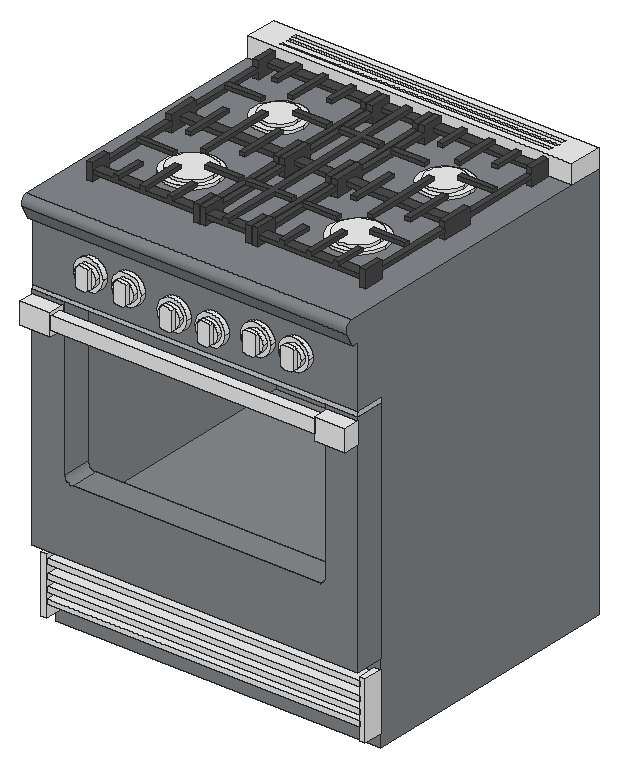
Revit family "DCS_SDA_Data_Sheet_RDV2-304_Range_ISSUE1 IMPERIAL", category Specialty Equipment, Revit 2015
Parameters
  URL = "www.yepsketch.com"
  Model = "DCS_SDA_Data_Sheet_RDV2-304_Range_ISSUE1"
  Manufacturer = "Fisher & Paykel"
  Description = "D20 20000"
  Author = "Yepsketch"
Reference planes (in)
  plane 1 "Center (Front/Back)": y = 0
  plane 2: z = 0
  plane 3 "Center (Left/Right)": x = 0
  plane 4: x = 29.875
  plane 5: y = 29.125
  plane 6: y = 1.4375
  plane 7: z = 36.75
  plane 8: z = 38.5
Forms (in)
  Extrusion 1, solid, material "GRAY"
    sketch origin (0, 0, 0) x (1, 0, 0) y (0, 1, 0)
      loop
        line (0, 29.125) -> (0, 1.4375) -> (29.875, 1.4375) -> (29.875, 29.125) -> (0, 29.125)
    from 0 to 36.75
  Extrusion 2, solid, material "ALUMINIUM"
    sketch origin (0, 0, 0) x (1, 0, 0) y (0, 1, 0)
      loop
        line (0, 29.125) -> (0, 26.125) -> (29.875, 26.125) -> (29.875, 29.125) -> (0, 29.125)
      loop
        line (2.56074, 28.43465) -> (2.56074, 28.07695) -> (27.39129, 28.07695) -> (27.39129, 28.43465) -> (2.56074, 28.43465)
      loop
        line (27.39129, 27.74947) -> (2.56074, 27.74947) -> (2.56074, 27.39406) -> (27.39129, 27.39406) -> (27.39129, 27.74947)
      loop
        line (2.56074, 27.03837) -> (2.56074, 26.69242) -> (27.39129, 26.69242) -> (27.39129, 27.03837) -> (2.56074, 27.03837)
    from 36.75 to 38.5
  Extrusion 3, void
    sketch origin (0, 0, 0) x (0, 1, 0) y (0, 0, 1)
      loop
        line (4.05941, 28.51124) -> (1.4375, 28.51124) -> (1.4375, 0) -> (4.05941, 0) -> (4.05941, 28.51124)
    from 0 to 29.875
  Extrusion 4, solid
    sketch origin (0, 0, 0) x (1, 0, 0) y (0, 0, 1)
      loop
        line (29.875, 28.87556) -> (0, 28.87556) -> (0, 28.51124) -> (29.875, 28.51124) -> (29.875, 28.87556)
    from -4.05941 to -1.4375
  Extrusion 5, solid, material "GRAY"
    sketch origin (0, 0, 0) x (1, 0, 0) y (0, 0, 1)
      loop
        line (29.875, 28.51124) -> (26.94776, 28.51124) -> (26.94776, 14.08446)
        arc (26.94776, 14.08446) -> (26.79243, 13.70946) -> (26.41743, 13.55413) r 0.53033
        line (26.41743, 13.55413) -> (3.66743, 13.55413)
        arc (3.66743, 13.55413) -> (3.16743, 13.76124) -> (2.96032, 14.26124) r 0.70711
        line (2.96032, 14.26124) -> (2.96032, 28.51124) -> (-0.11068, 28.51124) -> (-0.11068, 7.37228) -> (29.875, 7.37228) -> (29.875, 28.51124)
    from -4.05941 to -1.4375
  Extrusion 6, void
    sketch origin (0, 0, 0) x (1, 0, 0) y (0, 0, 1)
      loop
        line (1.01557, 27.94465) -> (1.01557, 8.94465) -> (29.01557, 8.94465) -> (29.01557, 27.94465) -> (1.01557, 27.94465)
    from -28.07695 to 12
  Extrusion 7, solid, material "Glass Black"
    sketch origin (0, 0, 0) x (1, 0, 0) y (0, 0, 1)
      loop
        arc (2.96032, 14.26124) -> (3.16743, 13.76124) -> (3.66743, 13.55413) r 0.70711
        line (3.66743, 13.55413) -> (26.41743, 13.55413)
        arc (26.41743, 13.55413) -> (26.79243, 13.70946) -> (26.94776, 14.08446) r 0.53033
        line (26.94776, 14.08446) -> (26.94776, 28.51124) -> (2.96032, 28.51124) -> (2.96032, 14.26124)
    from -4.05941 to -1.4375
  Extrusion 8, solid, material "GRAY"
    sketch origin (0, 0, 0) x (0, 1, 0) y (0, 0, 1)
      loop
        line (1.4375, 36.75) -> (0.79563, 36.75)
        arc (0.79563, 36.75) -> (0.23204, 36.42461) -> (0.23204, 35.77384) r 0.65078
        line (0.23204, 35.77384) -> (0.91586, 34.58943) -> (1.4375, 34.58943) -> (1.4375, 36.75)
    from 0 to 29.875
  Extrusion 9, solid, material "ALUMINIUM"
    sketch origin (0, 0, -0.875) x (1, 0, 0) y (0, 0, 1)
      loop
        line (0, 7.37228) -> (0, 2.09288) -> (0.57804, 2.09288) -> (0.57804, 7.37228) -> (0, 7.37228)
      loop
        line (29.875, 7.37228) -> (29.34783, 7.37228) -> (29.34783, 2.05867) -> (29.875, 2.05867) -> (29.875, 7.37228)
    from -4.05941 to -2.30941
  Extrusion 10, solid, material "ALUMINIUM"
    sketch origin (0, 0, 0) x (1, 0, 0) y (0, 0, 1)
      loop
        line (0.57804, 6.16101) -> (0.57804, 5.6902) -> (29.34783, 5.6902) -> (29.34783, 6.16101) -> (0.57804, 6.16101)
      loop
        line (0.57804, 4.91101) -> (0.57804, 4.4402) -> (29.34783, 4.4402) -> (29.34783, 4.91101) -> (0.57804, 4.91101)
      loop
        line (0.57804, 3.84048) -> (0.57804, 3.36967) -> (29.34783, 3.36967) -> (29.34783, 3.84048) -> (0.57804, 3.84048)
      loop
        line (0.57804, 2.84048) -> (0.57804, 2.36967) -> (29.34783, 2.36967) -> (29.34783, 2.84048) -> (0.57804, 2.84048)
    from -4.05941 to -2.30941
  Extrusion 11, solid, material "ALUMINIUM"
    sketch origin (0, 0, 0) x (1, 0, 0) y (0, 0, 1)
      loop
        circle (5.46197, 31.78776) r 1.38524
    from -1.4375 to -1
  Extrusion 12, solid, material "ALUMINIUM"
    sketch origin (0, 0, 0) x (1, 0, 0) y (0, 0, 1)
      loop
        circle (5.46197, 31.78776) r 1
    from -1 to -0.61506
  Extrusion 13, solid, material "ALUMINIUM"
    sketch origin (0, 0, 0) x (1, 0, 0) y (0, 0, 1)
      loop
        line (4.90432, 32.61784) -> (4.90432, 30.95768)
        arc (4.90432, 30.95768) -> (5.46197, 30.78776) -> (6.01961, 30.95768) r 1
        line (6.01961, 30.95768) -> (6.01961, 32.61784)
        arc (6.01961, 32.61784) -> (5.46197, 32.78776) -> (4.90432, 32.61784) r 1
    from -0.61506 to -0.25
  Extrusion 14, solid, material "ALUMINIUM"
    sketch origin (3.5, 0, 0) x (1, 0, 0) y (0, 0, 1)
      loop
        circle (5.46197, 31.78776) r 1.38524
    from -1.4375 to -1
  Extrusion 15, solid, material "ALUMINIUM"
    sketch origin (3.5, 0, 0) x (1, 0, 0) y (0, 0, 1)
      loop
        circle (5.46197, 31.78776) r 1
    from -1 to -0.61506
  Extrusion 16, solid, material "ALUMINIUM"
    sketch origin (3.5, 0, 0) x (1, 0, 0) y (0, 0, 1)
      loop
        line (4.90432, 32.61784) -> (4.90432, 30.95768)
        arc (4.90432, 30.95768) -> (5.46197, 30.78776) -> (6.01961, 30.95768) r 1
        line (6.01961, 30.95768) -> (6.01961, 32.61784)
        arc (6.01961, 32.61784) -> (5.46197, 32.78776) -> (4.90432, 32.61784) r 1
    from -0.61506 to -0.25
  Extrusion 17, solid, material "ALUMINIUM"
    sketch origin (7.70864, 0, -0.59149) x (1, 0, 0) y (0, 0, 1)
      loop
        circle (5.46197, 31.78776) r 1.38524
    from -1.4375 to -1
  Extrusion 18, solid, material "ALUMINIUM"
    sketch origin (7.70864, 0, -0.59149) x (1, 0, 0) y (0, 0, 1)
      loop
        circle (5.46197, 31.78776) r 1
    from -1 to -0.61506
  Extrusion 19, solid, material "ALUMINIUM"
    sketch origin (7.70864, 0, -0.59149) x (1, 0, 0) y (0, 0, 1)
      loop
        line (4.90432, 32.61784) -> (4.90432, 30.95768)
        arc (4.90432, 30.95768) -> (5.46197, 30.78776) -> (6.01961, 30.95768) r 1
        line (6.01961, 30.95768) -> (6.01961, 32.61784)
        arc (6.01961, 32.61784) -> (5.46197, 32.78776) -> (4.90432, 32.61784) r 1
    from -0.61506 to -0.25
  Extrusion 20, solid, material "ALUMINIUM"
    sketch origin (11.20864, 0, -0.59149) x (1, 0, 0) y (0, 0, 1)
      loop
        circle (5.46197, 31.78776) r 1.38524
    from -1.4375 to -1
  Extrusion 21, solid, material "ALUMINIUM"
    sketch origin (11.20864, 0, -0.59149) x (1, 0, 0) y (0, 0, 1)
      loop
        circle (5.46197, 31.78776) r 1
    from -1 to -0.61506
  Extrusion 22, solid, material "ALUMINIUM"
    sketch origin (11.20864, 0, -0.59149) x (1, 0, 0) y (0, 0, 1)
      loop
        line (4.90432, 32.61784) -> (4.90432, 30.95768)
        arc (4.90432, 30.95768) -> (5.46197, 30.78776) -> (6.01961, 30.95768) r 1
        line (6.01961, 30.95768) -> (6.01961, 32.61784)
        arc (6.01961, 32.61784) -> (5.46197, 32.78776) -> (4.90432, 32.61784) r 1
    from -0.61506 to -0.25
  Extrusion 23, solid, material "ALUMINIUM"
    sketch origin (15.40631, 0, 0.07336) x (1, 0, 0) y (0, 0, 1)
      loop
        circle (5.46197, 31.78776) r 1.38524
    from -1.4375 to -1
  Extrusion 24, solid, material "ALUMINIUM"
    sketch origin (15.40631, 0, 0.07336) x (1, 0, 0) y (0, 0, 1)
      loop
        circle (5.46197, 31.78776) r 1
    from -1 to -0.61506
  Extrusion 25, solid, material "ALUMINIUM"
    sketch origin (15.40631, 0, 0.07336) x (1, 0, 0) y (0, 0, 1)
      loop
        line (4.90432, 32.61784) -> (4.90432, 30.95768)
        arc (4.90432, 30.95768) -> (5.46197, 30.78776) -> (6.01961, 30.95768) r 1
        line (6.01961, 30.95768) -> (6.01961, 32.61784)
        arc (6.01961, 32.61784) -> (5.46197, 32.78776) -> (4.90432, 32.61784) r 1
    from -0.61506 to -0.25
  Extrusion 26, solid, material "ALUMINIUM"
    sketch origin (18.90631, 0, 0.07336) x (1, 0, 0) y (0, 0, 1)
      loop
        circle (5.46197, 31.78776) r 1.38524
    from -1.4375 to -1
  Extrusion 27, solid, material "ALUMINIUM"
    sketch origin (18.90631, 0, 0.07336) x (1, 0, 0) y (0, 0, 1)
      loop
        circle (5.46197, 31.78776) r 1
    from -1 to -0.61506
  Extrusion 28, solid, material "ALUMINIUM"
    sketch origin (18.90631, 0, 0.07336) x (1, 0, 0) y (0, 0, 1)
      loop
        line (4.90432, 32.61784) -> (4.90432, 30.95768)
        arc (4.90432, 30.95768) -> (5.46197, 30.78776) -> (6.01961, 30.95768) r 1
        line (6.01961, 30.95768) -> (6.01961, 32.61784)
        arc (6.01961, 32.61784) -> (5.46197, 32.78776) -> (4.90432, 32.61784) r 1
    from -0.61506 to -0.25
  Extrusion 29, solid, material "BLACK"
    sketch origin (0, 0, 0) x (1, 0, 0) y (0, 1, 0)
      loop
        line (2.14602, 25.9696) -> (2.14602, 24.10971) -> (2.64602, 24.10971) -> (2.64602, 25.9696) -> (2.14602, 25.9696)
      loop
        line (2.14602, 16.92899) -> (2.14602, 14.08087) -> (2.64602, 14.08087) -> (2.64602, 16.92899) -> (2.14602, 16.92899)
      loop
        line (2.14602, 6.86792) -> (2.14602, 4.97984) -> (2.64602, 4.97984) -> (2.64602, 6.86792) -> (2.14602, 6.86792)
      loop
        line (12.01681, 25.9696) -> (12.01681, 24.10971) -> (12.51681, 24.10971) -> (12.51681, 25.9696) -> (12.01681, 25.9696)
      loop
        line (12.01681, 16.92899) -> (12.01681, 14.08087) -> (12.51681, 14.08087) -> (12.51681, 16.92899) -> (12.01681, 16.92899)
      loop
        line (12.01681, 6.86792) -> (12.01681, 4.97984) -> (12.51681, 4.97984) -> (12.51681, 6.86792) -> (12.01681, 6.86792)
      loop
        line (12.60992, 25.9696) -> (12.60992, 24.10971) -> (13.10992, 24.10971) -> (13.10992, 25.9696) -> (12.60992, 25.9696)
      loop
        line (12.60992, 16.92899) -> (12.60992, 14.08087) -> (13.10992, 14.08087) -> (13.10992, 16.92899) -> (12.60992, 16.92899)
      loop
        line (12.60992, 6.86792) -> (12.60992, 4.97984) -> (13.10992, 4.97984) -> (13.10992, 6.86792) -> (12.60992, 6.86792)
      loop
        line (16.79742, 25.9696) -> (16.79742, 24.10971) -> (17.29742, 24.10971) -> (17.29742, 25.9696) -> (16.79742, 25.9696)
      loop
        line (16.79742, 16.92899) -> (16.79742, 14.08087) -> (17.29742, 14.08087) -> (17.29742, 16.92899) -> (16.79742, 16.92899)
      loop
        line (16.79742, 6.86792) -> (16.79742, 4.97984) -> (17.29742, 4.97984) -> (17.29742, 6.86792) -> (16.79742, 6.86792)
      loop
        line (17.40315, 25.9696) -> (17.40315, 24.10971) -> (17.90315, 24.10971) -> (17.90315, 25.9696) -> (17.40315, 25.9696)
      loop
        line (17.40315, 16.92899) -> (17.40315, 14.08087) -> (17.90315, 14.08087) -> (17.90315, 16.92899) -> (17.40315, 16.92899)
      loop
        line (17.40315, 6.86792) -> (17.40315, 4.97984) -> (17.90315, 4.97984) -> (17.90315, 6.86792) -> (17.40315, 6.86792)
      loop
        line (27.28432, 25.9696) -> (27.28432, 24.10971) -> (27.78432, 24.10971) -> (27.78432, 25.9696) -> (27.28432, 25.9696)
      loop
        line (27.28432, 16.92899) -> (27.28432, 14.08087) -> (27.78432, 14.08087) -> (27.78432, 16.92899) -> (27.28432, 16.92899)
      loop
        line (27.28432, 6.86792) -> (27.28432, 4.97984) -> (27.78432, 4.97984) -> (27.78432, 6.86792) -> (27.28432, 6.86792)
    from 38.26501 to 36.75
  Extrusion 30, solid, material "BLACK"
    sketch origin (0, 0, 0) x (1, 0, 0) y (0, 1, 0)
      loop
        line (2.64602, 25.9696) -> (2.64602, 25.03966) -> (12.01681, 25.03966) -> (12.01681, 25.9696) -> (2.64602, 25.9696)
      loop
        line (13.10992, 25.9696) -> (13.10992, 25.03966) -> (16.79742, 25.03966) -> (16.79742, 25.9696) -> (13.10992, 25.9696)
      loop
        line (17.90315, 25.9696) -> (17.90315, 25.03966) -> (27.28432, 25.03966) -> (27.28432, 25.9696) -> (17.90315, 25.9696)
      loop
        line (2.64602, 15.9696) -> (2.64602, 15.03966) -> (12.01681, 15.03966) -> (12.01681, 15.9696) -> (2.64602, 15.9696)
      loop
        line (13.10992, 15.9696) -> (13.10992, 15.03966) -> (16.79742, 15.03966) -> (16.79742, 15.9696) -> (13.10992, 15.9696)
      loop
        line (17.90315, 15.9696) -> (17.90315, 15.03966) -> (27.28432, 15.03966) -> (27.28432, 15.9696) -> (17.90315, 15.9696)
      loop
        line (2.64602, 5.92388) -> (2.64602, 4.99393) -> (12.01681, 4.99393) -> (12.01681, 5.92388) -> (2.64602, 5.92388)
      loop
        line (13.10992, 5.92388) -> (13.10992, 4.99393) -> (16.79742, 4.99393) -> (16.79742, 5.92388) -> (13.10992, 5.92388)
      loop
        line (17.90315, 5.92388) -> (17.90315, 4.99393) -> (27.28432, 4.99393) -> (27.28432, 5.92388) -> (17.90315, 5.92388)
    from 37.35869 to 37.71545
  Extrusion 31, solid, material "BLACK"
    sketch origin (0, 0, 0) x (1, 0, 0) y (0, 1, 0)
      loop
        line (2.14602, 24.10971) -> (2.14602, 16.92899) -> (2.64602, 16.92899) -> (2.64602, 24.10971) -> (2.14602, 24.10971)
      loop
        line (2.14602, 14.08087) -> (2.14602, 6.86792) -> (2.64602, 6.86792) -> (2.64602, 14.08087) -> (2.14602, 14.08087)
      loop
        line (12.01681, 24.10971) -> (12.01681, 16.92899) -> (12.51681, 16.92899) -> (12.51681, 24.10971) -> (12.01681, 24.10971)
      loop
        line (12.01681, 14.08087) -> (12.01681, 6.86792) -> (12.51681, 6.86792) -> (12.51681, 14.08087) -> (12.01681, 14.08087)
      loop
        line (12.60992, 24.10971) -> (12.60992, 16.92899) -> (13.10992, 16.92899) -> (13.10992, 24.10971) -> (12.60992, 24.10971)
      loop
        line (12.60992, 14.08087) -> (12.60992, 6.86792) -> (13.10992, 6.86792) -> (13.10992, 14.08087) -> (12.60992, 14.08087)
      loop
        line (16.79742, 24.10971) -> (16.79742, 16.92899) -> (17.29742, 16.92899) -> (17.29742, 24.10971) -> (16.79742, 24.10971)
      loop
        line (17.40315, 24.10971) -> (17.40315, 16.92899) -> (17.90315, 16.92899) -> (17.90315, 24.10971) -> (17.40315, 24.10971)
      loop
        line (27.28432, 24.10971) -> (27.28432, 16.92899) -> (27.78432, 16.92899) -> (27.78432, 24.10971) -> (27.28432, 24.10971)
      loop
        line (16.79742, 14.08087) -> (16.79742, 6.86792) -> (17.29742, 6.86792) -> (17.29742, 14.08087) -> (16.79742, 14.08087)
      loop
        line (17.39053, 14.08087) -> (17.39053, 6.86792) -> (17.89053, 6.86792) -> (17.89053, 14.08087) -> (17.39053, 14.08087)
      loop
        line (27.28432, 14.08087) -> (27.28432, 6.86792) -> (27.78432, 6.86792) -> (27.78432, 14.08087) -> (27.28432, 14.08087)
    from 37.35869 to 37.71545
  Extrusion 32, solid, material "BLACK"
    sketch origin (0, 0, 0) x (1, 0, 0) y (0, 1, 0)
      loop
        line (4.59844, 25.9696) -> (4.59844, 23.2196) -> (5.09844, 23.2196) -> (5.09844, 25.9696) -> (4.59844, 25.9696)
      loop
        line (7.03924, 25.9696) -> (7.03924, 21.9696) -> (7.53924, 21.9696) -> (7.53924, 25.9696) -> (7.03924, 25.9696)
      loop
        line (9.58525, 25.9696) -> (9.58525, 23.2196) -> (10.0692, 23.2196) -> (10.0692, 25.9696) -> (9.58525, 25.9696)
      loop
        line (4.59844, 4.99393) -> (5.09844, 4.99393) -> (5.09844, 7.74393) -> (4.59844, 7.74393) -> (4.59844, 4.99393)
      loop
        line (7.03924, 4.99393) -> (7.53924, 4.99393) -> (7.53924, 8.99393) -> (7.03924, 8.99393) -> (7.03924, 4.99393)
      loop
        line (9.58525, 4.99393) -> (10.0692, 4.99393) -> (10.0692, 7.74393) -> (9.58525, 7.74393) -> (9.58525, 4.99393)
      loop
        line (2.64602, 20.75034) -> (2.64602, 20.25034) -> (5.89602, 20.25034) -> (5.89602, 20.75034) -> (2.64602, 20.75034)
      loop
        line (12.01681, 20.75034) -> (8.88869, 20.75034) -> (8.88869, 20.25034) -> (12.01681, 20.25034) -> (12.01681, 20.75034)
      loop
        line (2.64602, 10.13452) -> (5.89602, 10.13452) -> (5.89602, 10.63452) -> (2.64602, 10.63452) -> (2.64602, 10.13452)
      loop
        line (12.01681, 10.13452) -> (12.01681, 10.63452) -> (8.88869, 10.63452) -> (8.88869, 10.13452) -> (12.01681, 10.13452)
      loop
        line (4.59844, 17.5592) -> (4.59844, 13.25626) -> (5.09844, 13.25626) -> (5.09844, 17.5592) -> (4.59844, 17.5592)
      loop
        line (7.03924, 18.98868) -> (7.03924, 11.94838) -> (7.53924, 11.94838) -> (7.53924, 18.98868) -> (7.03924, 18.98868)
      loop
        line (9.58525, 17.59732) -> (9.58525, 13.25626) -> (10.0692, 13.25626) -> (10.0692, 17.59732) -> (9.58525, 17.59732)
    from 37.71545 to 38.04535
  Extrusion 33, solid, material "BLACK"
    sketch origin (29.90734, 0, 0) x (-1, 0, 0) y (0, -1, 0)
      loop
        line (4.59844, -25.9696) -> (5.09844, -25.9696) -> (5.09844, -23.2196) -> (4.59844, -23.2196) -> (4.59844, -25.9696)
      loop
        line (7.03924, -25.9696) -> (7.53924, -25.9696) -> (7.53924, -21.9696) -> (7.03924, -21.9696) -> (7.03924, -25.9696)
      loop
        line (9.58525, -25.9696) -> (10.0692, -25.9696) -> (10.0692, -23.2196) -> (9.58525, -23.2196) -> (9.58525, -25.9696)
      loop
        line (4.59844, -4.99393) -> (4.59844, -7.74393) -> (5.09844, -7.74393) -> (5.09844, -4.99393) -> (4.59844, -4.99393)
      loop
        line (7.03924, -4.99393) -> (7.03924, -8.99393) -> (7.53924, -8.99393) -> (7.53924, -4.99393) -> (7.03924, -4.99393)
      loop
        line (9.58525, -4.99393) -> (9.58525, -7.74393) -> (10.0692, -7.74393) -> (10.0692, -4.99393) -> (9.58525, -4.99393)
      loop
        line (2.64602, -20.75034) -> (5.89602, -20.75034) -> (5.89602, -20.25034) -> (2.64602, -20.25034) -> (2.64602, -20.75034)
      loop
        line (12.01681, -20.75034) -> (12.01681, -20.25034) -> (8.88869, -20.25034) -> (8.88869, -20.75034) -> (12.01681, -20.75034)
      loop
        line (2.64602, -10.13452) -> (2.64602, -10.63452) -> (5.89602, -10.63452) -> (5.89602, -10.13452) -> (2.64602, -10.13452)
      loop
        line (12.01681, -10.13452) -> (8.88869, -10.13452) -> (8.88869, -10.63452) -> (12.01681, -10.63452) -> (12.01681, -10.13452)
      loop
        line (4.59844, -17.5592) -> (5.09844, -17.5592) -> (5.09844, -13.25626) -> (4.59844, -13.25626) -> (4.59844, -17.5592)
      loop
        line (7.03924, -18.98868) -> (7.53924, -18.98868) -> (7.53924, -11.94838) -> (7.03924, -11.94838) -> (7.03924, -18.98868)
      loop
        line (9.58525, -17.59732) -> (10.0692, -17.59732) -> (10.0692, -13.25626) -> (9.58525, -13.25626) -> (9.58525, -17.59732)
    from 37.71545 to 38.04535
  Extrusion 34, solid, material "BLACK"
    sketch origin (0, 0, 0) x (1, 0, 0) y (0, 1, 0)
      loop
        line (14.67423, 25.9696) -> (14.67423, 20.781) -> (13.10992, 20.781) -> (13.10992, 20.25039) -> (14.67423, 20.25039) -> (14.67423, 10.72535) -> (12.60992, 10.72535) -> (12.60992, 10.19475) -> (14.67423, 10.19475) -> (14.67423, 4.99393) -> (15.22232, 4.99393) -> (15.22232, 10.19475) -> (16.79742, 10.19475) -> (16.79742, 10.72535) -> (15.22232, 10.72535) -> (15.22232, 20.25039) -> (16.79742, 20.25039) -> (16.79742, 20.781) -> (15.22232, 20.781) -> (15.22232, 25.9696) -> (14.67423, 25.9696)
    from 37.71545 to 38.04535
  Extrusion 35, solid, material "ALUMINIUM"
    sketch origin (0, 0, 0) x (1, 0, 0) y (0, 1, 0)
      loop
        circle (7.39235, 20.50034) r 2.25
    from 36.75 to 37
  Extrusion 36, solid, material "ALUMINIUM"
    sketch origin (0, 0, 0) x (1, 0, 0) y (0, 1, 0)
      loop
        circle (7.39235, 20.50034) r 1.67887
    from 37 to 37.25
  Extrusion 37, solid, material "ALUMINIUM"
    sketch origin (0, -10.02122, 0) x (1, 0, 0) y (0, 1, 0)
      loop
        circle (7.39235, 20.50034) r 2.5
    from 36.75 to 37
  Extrusion 38, solid, material "ALUMINIUM"
    sketch origin (0, -10.02122, 0) x (1, 0, 0) y (0, 1, 0)
      loop
        circle (7.39235, 20.50034) r 2
    from 37 to 37.25
  Extrusion 39, solid, material "ALUMINIUM"
    sketch origin (15.32886, -10.02122, 0) x (1, 0, 0) y (0, 1, 0)
      loop
        circle (7.39235, 20.50034) r 2.5
    from 36.75 to 37
  Extrusion 40, solid, material "ALUMINIUM"
    sketch origin (15.32886, -10.02122, 0) x (1, 0, 0) y (0, 1, 0)
      loop
        circle (7.39235, 20.50034) r 2
    from 37 to 37.25
  Extrusion 41, solid, material "ALUMINIUM"
    sketch origin (15.32886, 0, 0) x (1, 0, 0) y (0, 1, 0)
      loop
        circle (7.39235, 20.50034) r 2.25
    from 36.75 to 37
  Extrusion 42, solid, material "ALUMINIUM"
    sketch origin (15.32886, 0, 0) x (1, 0, 0) y (0, 1, 0)
      loop
        circle (7.39235, 20.50034) r 1.67887
    from 37 to 37.25
  Extrusion 43, solid, material "ALUMINIUM"
    sketch origin (0, 0, 0) x (1, 0, 0) y (0, 0, 1)
      loop
        line (0, 28.15298) -> (0, 26.15298) -> (2.75, 26.15298) -> (2.75, 28.15298) -> (0, 28.15298)
      loop
        line (29.875, 28.15298) -> (27.125, 28.15298) -> (27.125, 26.15298) -> (29.875, 26.15298) -> (29.875, 28.15298)
    from -1.4375 to 0
  Extrusion 44, solid, material "ALUMINIUM"
    sketch origin (0, 0, 0) x (1, 0, 0) y (0, 0, 1)
      loop
        line (2.75, 27.94465) -> (2.75, 26.72967) -> (27.125, 26.72967) -> (27.125, 27.94465) -> (2.75, 27.94465)
    from -1 to 0
Cuts and joins
  Extrusion 3, Extrusion 6 cuts Extrusion 1
  joined: Extrusion 1, Extrusion 8
  joined: Extrusion 11, Extrusion 12, Extrusion 13, Extrusion 14, Extrusion 15, Extrusion 16, Extrusion 17, Extrusion 18, Extrusion 19, Extrusion 20, Extrusion 21, Extrusion 22, Extrusion 23, Extrusion 24, Extrusion 25, Extrusion 26, Extrusion 27, Extrusion 28, Extrusion 35, Extrusion 36, Extrusion 37, Extrusion 38, Extrusion 39, Extrusion 40, Extrusion 41, Extrusion 42
  joined: Extrusion 29, Extrusion 30, Extrusion 31, Extrusion 32, Extrusion 33, Extrusion 34
Dimensions and locks (in)
  aligned and locked: level to plane 2
